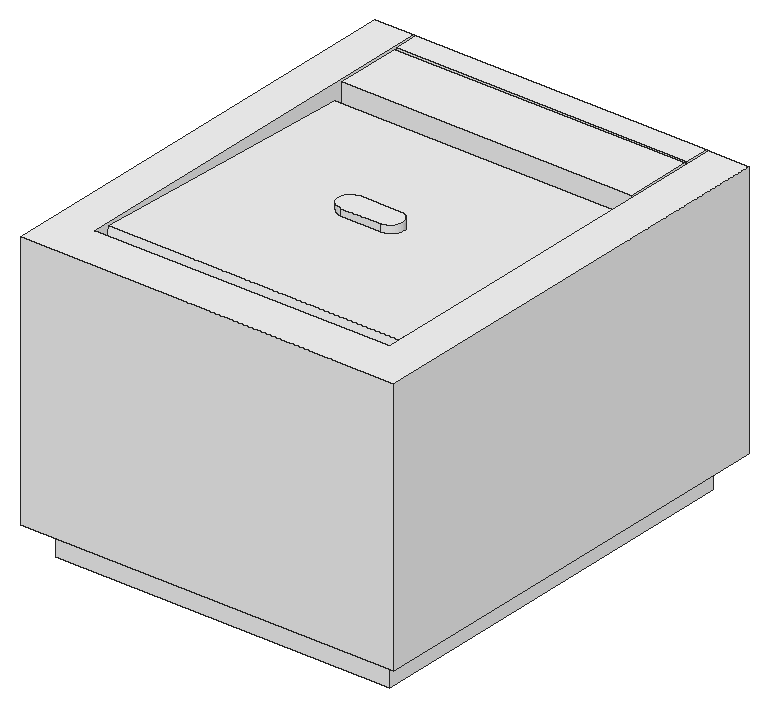
Revit family "Gira_020830", category Electrical Fixtures, host Face, Revit 2017
Family settings
  Host = Face
  Maintain Annotation Orientation = Yes
  Round Connector Dimension = Use Diameter
  Part Type = Normal
  Cut with Voids When Loaded = No
  Shared = No
  Room Calculation Point = No
Parameters (values of type "Cover plate Glass pl. of in.sp. WP surface-mounted yellow")
  With label area = "Yes"
  With exchangeable lens/symbol = "Yes"
  White [instance] = White
  Utilization = "Switch/push button"
  URL = "http://katalog.gira.de/en/datenblatt.html?artikelnr=020830"
  Type of fastening = "Screw mounting"
  Surface protection = "Other"
  Suitable for touch sensor connector for bus system = "No"
  Suitable for degree of protection (IP) = "IP20"
  Scannable symbol / barrier free = "No"
  RAL-number (akin) = "1018"
  Name = "Cover plate Glass pl. of in.sp. WP surface-mounted yellow"
  Monitoring window/light outlet = "No"
  Model = "Single rocker"
  Material quality = "Other"
  Material = "Other"
  Manufacturer URL = "https://www.gira.de/"
  Manufacturer = "Gira"
  Imprint/indication = "Without imprint"
  HeinzeBIM = "https://bimportal.heinze.de/bim/cover-plate-glass-pl-of-in-sp-wp-surface-mounted-yellow/0adebfa67dd730223080ae898e20b798ebe0253f"
  Halogen free = "Yes"
  HAN = "020830"
  GTIN = "4010337208303"
  Description = "Cov.pl.in.sp.pane WP SM YE,Cover plate with inscription space and glass pane suitable for water-protected rocker switches, indicator switches, and buttons,,yellow RAL 1018,Notes :,- Not suitable for 3-pole switches."
  Default Elevation = 1219.2 mm
  Data sheet (1) = "https://katalog.gira.de/en/download.html?artikelnr=020830"
  Colour = "Yellow"
  Category = "Control element/cover plate for domestic switching devices"
  BIM (1) = "https://media.stage.bim.site/public/gira/36a6b08/IP44_Komplettgerät_Schalten und Tasten.rfa?public/gira/36a6b08/IP44_Komplettgerät_Schalten und Tasten.rfa"
  Available = "No"
Reference planes
  plane 1 "Center (Front/Back)": y = 0
  plane 2: z = 0
  plane 3 "Center (Left/Right)": x = 0
  plane 4: x = 30
  plane 5: x = -30
  plane 6: z = 41.4
Forms (mm)
  Extrusion 1, solid, material "White" <- "White", detail levels medium+fine
    sketch origin (0, 0, 0) x (1, 0, 0) y (0, 1, 0)
      loop
        line (-34, 41) -> (-34, -41) -> (34, -41) -> (34, 41) -> (-34, 41)
    from 0 to -6.2
  Extrusion 2, solid, material "White" <- "White", detail levels medium+fine
    sketch origin (0, 0, 0) x (1, 0, 0) y (0, 1, 0)
      loop
        line (-38, 45) -> (-38, -45) -> (38, -45) -> (38, 45) -> (-38, 45)
    from 0 to 52.4
  Extrusion 3, void
    sketch origin (0, 0, 0) x (1, 0, 0) y (0, 0, 1)
      loop
        line (-30, 59.413) -> (-30, 41.4) -> (30, 41.4) -> (30, 59.413) -> (-30, 59.413)
    from 36 to -113.06
  Extrusion 4, solid, material "White" <- "White", detail levels medium
    sketch origin (225, 0, 0) x (1, 0, 0) y (0, 1, 0)
      loop
        line (-254.5, 44.5) -> (-254.5, -35.5) -> (-195.5, -35.5) -> (-195.5, 44.5) -> (-254.5, 44.5)
    from 41.4 to 52.4
  Extrusion 5, solid, material "White" <- "White", detail levels fine
    sketch origin (0, 0, 0) x (1, 0, 0) y (0, 1, 0)
      loop
        line (-29.5, 45) -> (-29.5, 40) -> (29.5, 40) -> (29.5, 45) -> (-29.5, 45)
    from 41.4 to 52.4
  Extrusion 6, solid, material "White" <- "White", detail levels fine
    sketch origin (0, 0, 0) x (1, 0, 0) y (0, 1, 0)
      loop
        line (29.5, 39.5) -> (-29.5, 39.5) -> (-29.5, 26) -> (29.5, 26) -> (29.5, 39.5)
    from 41.4 to 52.4
  Extrusion 7, solid, material "White" <- "White", detail levels fine
    sketch origin (0, 0, 0) x (1, 0, 0) y (0, 1, 0)
      loop
        arc (-4, -1) -> (-6.5, -3.5) -> (-4, -6) r 2.5
        line (-4, -6) -> (4, -6)
        arc (4, -6) -> (6.5, -3.5) -> (4, -1) r 2.5
        line (4, -1) -> (-4, -1)
    from 41.4 to 52.4
  Extrusion 8, solid, material "White" <- "White", detail levels coarse
    sketch origin (0, 0, 0) x (1, 0, 0) y (0, 1, 0)
      loop
        line (-38, 46) -> (-38, -45) -> (38, -45) -> (38, 46) -> (-38, 46)
    from -6.2 to 52.4
  Extrusion 9, solid, material "White" <- "White", detail levels medium+fine
    sketch origin (0, 0, 0) x (1, 0, 0) y (0, 0, 1)
      loop
        circle (0, 14) r 3.6
    from -46 to -45
  Extrusion 10, solid, material "White" <- "White", detail levels fine
    sketch origin (0, 0, 0) x (0, 1, 0) y (0, 0, 1)
      loop
        line (-36, 41.4) -> (26, 41.4) -> (24.38, 49.736) -> (-33.115, 52.169) -> (-36, 41.4)
    from -29.5 to 29.5
Cuts and joins
  Extrusion 3 cuts Extrusion 2
Dimensions and locks
  aligned and locked: plane 2 to host face
  aligned and locked: level to host face
  aligned and locked: plane 3 "Center (Left/Right)" to nested 1
  aligned and locked: plane 1 "Center (Front/Back)" to nested 1
Nested families
  nested 1: "Schalter" at (0, 0, 0), type "Schalter"
Connectors
  electrical at (0, 0, -6.2)
    settings: on Extrusion 1, index 1, voltage 224 V, apparent load 0 VA, apparent load phase1 0 VA, apparent load phase2 0 VA, apparent load phase3 0 VA, power factor 1, load classification "Other", number of poles 1, system type 30, power factor state 1, is connector primary yes, connector utility no, sub classification motor no, connector description ""
Definition of nested family "Schalter"
  Reference planes
    plane 1: y = 0
    plane 2: x = 0
  Lines and regions (mm)
    detail lines
      curve 1: circle (1.375, 2.778, 0) r 0.8 normal (0, 0, 1)
      curve 2: line (1.021, 2.061, 0) -> (0, 0, 0)
      curve 3: line (0, 0, 0) -> (-0.538, 0.266, 0)
  Dimensions and locks
    curve 2 to curve 2 = 2.3 mm
    curve 3 to curve 2 = 0.6 mm
    radius of curve 1 = 0.8 mm
